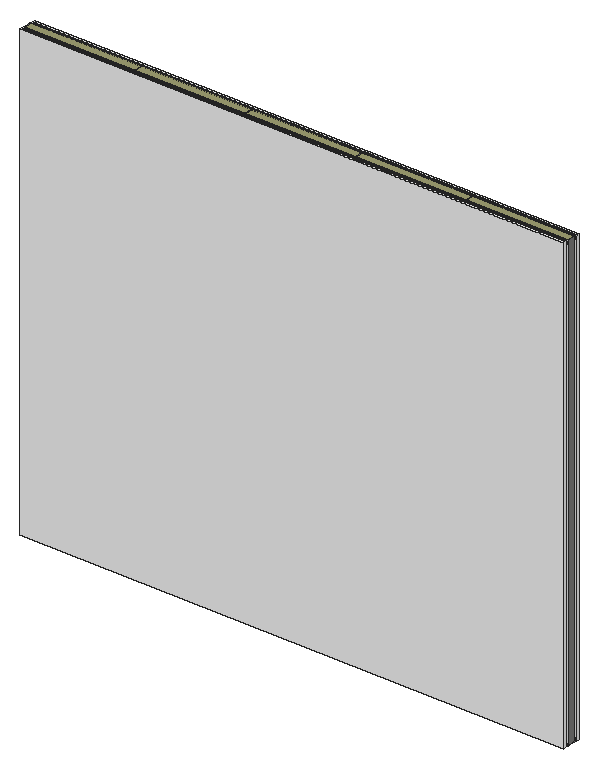
Revit family "Wall Acoustic Batt (R1.5)", category Structural Stiffeners, Revit 2020
Family settings
  OmniClass Number = 23.25.30.11.27
  OmniClass Title = Vibration and Earthquake Controls
  Cut with Voids When Loaded = No
  Shared = No
Parameters (values of type "R1.5 - Wall Acoustic Batts")
  URL = "www.ecowool.com.au"
  U-Value W/m2k = 0 mm
  Typical weight of ECOWOOL-Kg/M2 = 0 mm
  Type of Insulation = "Glass Mineral Wool Blanket with vapour barrier"
  Total System Thickness-mm = 50 mm
  Thermal R Value = 1.5
  Thermal K Value = 0.0327
  SubW [instance] = roundup([built-in parameter 1001306] / 609 mm) * 609 mm  # 3045 mm
  SubL [instance] = if([built-in parameter 1001306] > 1218 mm, No Insulation * 609 mm, if([built-in parameter 1001306] > 609 mm, 609 mm, if([built-in parameter 1001306] > 0 mm, 0 mm, No Insulation * 609 mm))) + 1 mm  # 2437 mm
  Remarks = ""
  No Metal Stud [instance] = ([built-in parameter 1001306] / [Metal Stud Spacer (mm)])  # 5
  No Insulation [instance] = roundup(SubW / 609 mm) - 1  # 4
  Model = "Wall Acoustic Batt"
  Metal Stud Width = [Insulation Thickness (mm)]  # 50 mm
  Metal Stud Spacer (mm) = 609 mm
  Material Specification = ""
  Manufacturer = "PGF Insulation Sdn. Bhd."
  built-in parameter 1001306 [instance] = 3000 mm
  Insulation Length (mm) = 609 mm
  Insulation Thickness (mm) = 50 mm
  Installation and Workmanship- Same for all the system = ""
  Height Wall (mm) = 2500 mm
  Handling and Storage- Same for all system = ""
  Gypsum Thickness (mm) = 12.5 mm
  Finish = Wall Acoustic Batt
  FAQ- Same for all System = ""
  ECOWOOL Product thickness in mm = "50 x32.0 kg/m³"
  Description = "Ecowool Wall Acoustic Batts is semi-rigid or rigid slabs of non-combustible, water repellent, glass mineral wool. They are designed to suit internal walls and ceiling of residential, commercial and industrial buildings. Excellent thermal, acoustic and fire safety performance"
  Density = 32.00 kg/m³
  AutoCad Drawing = ""
Types (3, lengths in mm): name | Total System Thickness-mm | Thermal K Value | Metal Stud Width | Insulation Thickness (mm) | ECOWOOL Product thickness in mm | Density
  (no name) | 50 | 0.0327 | 50 | 50 | "50 x32.0 kg/m³" | 32.00 kg/m³
  R1.5 - Wall Acoustic Batts | 50 | 0.0327 | 50 | 50 | "50 x32.0 kg/m³" | 32.00 kg/m³
  90mm | 90 | 0.0457 | 90 | 90 | "90 x 9.000000 kg/m³" | 9.00 kg/m³
Reference planes
  plane 1 "Center (Front/Back)": y = -12.5
  plane 2: z = 0
  plane 3 "Left": x = 0
  plane 4 "Right": x = 3000
  plane 5: z = 2500
  plane 6: x = 2437
  plane 7: x = 3046
Forms (mm)
  Extrusion 1, solid, material "Wall Acoustic Batt" <- "Finish"
    sketch origin (0, 0, 0) x (1, 0, 0) y (0, 1, 0)
      loop
        line (2437, 12.5) -> (2437, -37.5) -> (3046, -37.5) -> (3046, 12.5) -> (2437, 12.5)
    from 0 to 2500
  Extrusion 2, void
    sketch origin (0, 0, 0) x (1, 0, 0) y (0, 1, 0)
      loop
        line (2999, 12.5) -> (2999, -37.5) -> (3046, -37.5) -> (3046, 12.5) -> (2999, 12.5)
    from -45.694 to 2779.923
Cuts and joins
  Extrusion 2 cuts Extrusion 1
Lines and regions (mm)
  reference lines
    curve 1: line (0, -12.5, 0) -> (3000, -12.5, 0)
Dimensions and locks
  "built-in parameter 1001306": plane 3 "Left" to plane 4 "Right"
  "Height Wall (mm)": plane 5 to level
  equal spacing: group 1, group 2, group 3, group 4, group 5  (x3)
  "Metal Stud Spacer (mm)": plane 3 "Left" to nested 3
  "SubL": plane 3 "Left" to plane 6
  locked: plane 6 to plane 7 at 609
  equal spacing: Extrusion 1 sketch curve, plane 1 "Center (Front/Back)", Extrusion 1 sketch curve
  "Insulation Thickness (mm)": Extrusion 1 sketch curve to Extrusion 1 sketch curve
  equal spacing: Extrusion 1, plane 1 "Center (Front/Back)", Extrusion 2 sketch curve
  "Insulation Thickness (mm)": Extrusion 2 sketch curve to Extrusion 2 sketch curve
  locked: Extrusion 2 sketch curve to plane 4 "Right" at 1
  plane 4 "Right" to plane 7 = 46 mm
  plane 6 to plane 4 "Right" = 563 mm
  equal spacing: group 6, group 7, group 8, group 9  (x3)
  equal spacing: Extrusion 2 sketch curve, Extrusion 2 sketch curve, nested 1
  aligned and locked: plane 4 "Right" to curve 1
  aligned and locked: plane 1 "Center (Front/Back)" to curve 1
  aligned and locked: plane 3 "Left" to curve 1
  aligned and locked: plane 3 "Left" to nested 1
  aligned and locked: plane 4 "Right" to nested 1
  aligned and locked: plane 5 to nested 2
  aligned and locked: plane 3 "Left" to nested 6
  aligned and locked: nested 8 to plane 4 "Right"
  aligned and locked: plane 1 "Center (Front/Back)" to nested 1
  aligned and locked: plane 1 "Center (Front/Back)" to nested 2
  aligned and locked: plane 1 "Center (Front/Back)" to nested 6
  aligned and locked: nested 8 to plane 1 "Center (Front/Back)"
  aligned and locked: nested 10 to nested 2
  aligned and locked: plane 1 "Center (Front/Back)" to nested 10
  aligned and locked: plane 7 to Extrusion 1 sketch curve
  aligned and locked: Extrusion 1 sketch curve to plane 6
  aligned and locked: plane 5 to Extrusion 1
  aligned and locked: Extrusion 1 to level
Automatic sketch dimensions
  Extrusion 2 sketch curve to plane 7 = 0 mm
Nested families
  nested 1: "Gypsum Plasterboard" at (0, -12.5, 0), type "Gypsum Plasterboard"
    with built-in parameter 1001306 3000 mm
  nested 2: "Metal Stud" at (0, -12.5, 0), type "Metal Stud"
  nested 3: "Metal Stud" at (609, -12.5, 0), type "Metal Stud"
  nested 4: "Metal Stud" at (1218, -12.5, 0), type "Metal Stud"
  nested 5: "Metal Stud" at (1827, -12.5, 0), type "Metal Stud"
  nested 6: "Metal Runner" at (0, -12.5, 0), type "Metal Runner"
    with Metal Runner Width 50 mm, Length Metal Runner 3000 mm
  nested 7: "Metal Runner" at (0, -12.5, 2500) x (1, 0, 0) z (0, 0, -1), type "Metal Runner"
    with Metal Runner Width 50 mm, Length Metal Runner 3000 mm
  nested 8: "Metal Stud" at (3000, -12.5, 0) x (-1, 0, 0) z (0, 0, 1), type "Metal Stud"
  nested 9: "Metal Stud" at (2436, -12.5, 0), type "Metal Stud"
  nested 10: "Insulation Brownie" at (1, -12.5, 0), type "Insulation Brownie"
    with Thickness Insulation 50 mm
  nested 11: "Insulation Brownie" at (610, -12.5, 0), type "Insulation Brownie"
    with Thickness Insulation 50 mm
  nested 12: "Insulation Brownie" at (1219, -12.5, 0), type "Insulation Brownie"
    with Thickness Insulation 50 mm
  nested 13: "Insulation Brownie" at (1828, -12.5, 0), type "Insulation Brownie"
    with Thickness Insulation 50 mm
Definition of nested family "Gypsum Plasterboard"
  Parameters (values of type "Gypsum Plasterboard")
    Manufacturer = "Rockwool"
    built-in parameter 1001306 [instance] = 1200 mm
    Insulation Width = 50 mm
    Height Wall = 2500 mm
    Gypsum Thickness = 12.5 mm
    Description = "Double layers wall system - Rigislab 5020"
  Reference planes
    plane 1 "Center (Front/Back)": y = 0
    plane 2: z = 0
    plane 3 "Left": x = 0
    plane 4 "Right": x = 1200
    plane 5: y = 25
    plane 6: y = -25
    plane 7: z = 2500
  Forms (mm)
    Sweep 1, solid
      path origin (0, 0, 0) x (1, 0, 0) y (0, 1, 0)
        loop
          line (0, 0) -> (1200, 0)
      profile origin (600, 0, 0) x (0, 1, 0) y (0, 0, 1)
        loop
          line (-25, 2500) -> (-37.5, 2500) -> (-37.5, 0) -> (-25, 0) -> (-25, 2500)
    Sweep 2, solid
      path origin (0, -12.5, 0) x (1, 0, 0) y (0, 1, 0)
        loop
          line (0, 0) -> (1200, 0)
      profile origin (600, -12.5, 0) x (0, 1, 0) y (0, 0, 1)
        loop
          line (-25, 2500) -> (-37.5, 2500) -> (-37.5, 0) -> (-25, 0) -> (-25, 2500)
    Sweep 3, solid
      path origin (0, 0, 0) x (1, 0, 0) y (0, -1, 0)
        loop
          line (0, 0) -> (1200, 0)
      profile origin (600, 0, 0) x (0, 1, 0) y (0, 0, 1)
        loop
          line (25, 2500) -> (25, 0) -> (37.5, 0) -> (37.5, 2500) -> (25, 2500)
    Sweep 4, solid
      path origin (0, 12.5, 0) x (1, 0, 0) y (0, -1, 0)
        loop
          line (0, 0) -> (1200, 0)
      profile origin (600, 12.5, 0) x (0, 1, 0) y (0, 0, 1)
        loop
          line (25, 2500) -> (25, 0) -> (37.5, 0) -> (37.5, 2500) -> (25, 2500)
  Lines and regions (mm)
    reference lines
      curve 1: line (0, 0, 0) -> (1200, 0, 0)
  Dimensions and locks
    "built-in parameter 1001306": plane 3 "Left" to plane 4 "Right"
    "Insulation Width": plane 6 to plane 5
    "built-in parameter 1001306": Sweep 1 sketch curve to Sweep 1 sketch curve
    "Gypsum Thickness": Sweep 1 sketch curve to Sweep 1 sketch curve
    "Height Wall": level to plane 7
    "built-in parameter 1001306": Sweep 2 sketch curve to Sweep 2 sketch curve
    "Gypsum Thickness": Sweep 2 sketch curve to Sweep 2 sketch curve
    "built-in parameter 1001306": Sweep 3 sketch curve to Sweep 3 sketch curve
    "Gypsum Thickness": Sweep 3 sketch curve to Sweep 3 sketch curve
    "built-in parameter 1001306": Sweep 4 sketch curve to Sweep 4 sketch curve
    "Gypsum Thickness": Sweep 4 sketch curve to Sweep 4 sketch curve
    equal spacing: plane 6, plane 1 "Center (Front/Back)", plane 5
    aligned and locked: plane 4 "Right" to curve 1
    aligned and locked: plane 1 "Center (Front/Back)" to curve 1
    aligned and locked: plane 3 "Left" to curve 1
    aligned and locked: Sweep 1 sketch curve to plane 6
    aligned and locked: Sweep 1 sketch curve to plane 7
    aligned and locked: Sweep 1 to Sweep 2
    aligned and locked: Sweep 4 to Sweep 3
    aligned and locked: plane 5 to Sweep 3
    aligned and locked: Sweep 4 to Sweep 4
    aligned and locked: plane 7 to Sweep 2 sketch curve
    aligned and locked: Sweep 3 sketch curve to plane 7
    aligned and locked: Sweep 4 sketch curve to plane 7
  Automatic sketch dimensions
    plane 1 "Center (Front/Back)" to Sweep 1 sketch curve = 0 mm
    Sweep 1 sketch curve to plane 3 "Left" = 0 mm
    Sweep 1 sketch curve to level = 0 mm
    Sweep 2 sketch curve to plane 3 "Left" = 0 mm
    plane 1 "Center (Front/Back)" to Sweep 2 sketch curve = 12.5 mm
    Sweep 2 sketch curve to level = 0 mm
    profile plane to Sweep 2 sketch curve = 37.5 mm
    plane 1 "Center (Front/Back)" to Sweep 3 sketch curve = 0 mm
    Sweep 3 sketch curve to plane 3 "Left" = 0 mm
    Sweep 3 sketch curve to level = 0 mm
    Sweep 3 sketch curve to profile plane = 25 mm
    Sweep 4 sketch curve to plane 3 "Left" = 0 mm
    plane 1 "Center (Front/Back)" to Sweep 4 sketch curve = 12.5 mm
    Sweep 4 sketch curve to level = 0 mm
    Sweep 4 sketch curve to profile plane = 25 mm
Definition of nested family "Metal Stud"
  Parameters (values of type "Metal Stud")
    Metal Stud Width = 50 mm
    Height = 2500 mm
  Reference planes
    plane 1 "Center (Front/Back)": y = 0
    plane 2: z = 0
    plane 3 "Center (Left/Right)": x = 0
    plane 4 "Center L/S": y = 25
    plane 5 "Center L/T": y = -25
    plane 6: z = 1
    plane 7: z = 2500
    plane 8: z = 2499
  Forms (mm)
    Extrusion 1, solid
      sketch origin (0, 0, 0) x (1, 0, 0) y (0, 1, 0)
        loop
          line (0, 25) -> (0, -25) -> (20, -25) -> (20, -24) -> (1, -24) -> (1, 24) -> (20, 24) -> (20, 25) -> (0, 25)
      from 1 to 2499
  Dimensions and locks
    Extrusion 1 sketch curve to Extrusion 1 sketch curve = 1 mm  (x3)
    locked: plane 8 to plane 7 at 1
    plane 1 "Center (Front/Back)" to Extrusion 1 = 25 mm
    "Height": plane 7 to level
    "Metal Stud Width": plane 5 "Center L/T" to plane 4 "Center L/S"
    equal spacing: plane 5 "Center L/T", plane 1 "Center (Front/Back)", plane 4 "Center L/S"
    locked: plane 6 to plane 2 at 1
    aligned and locked: plane 4 "Center L/S" to Extrusion 1
    aligned and locked: plane 5 "Center L/T" to Extrusion 1
    aligned and locked: plane 3 "Center (Left/Right)" to Extrusion 1
    aligned and locked: Extrusion 1 to plane 6
    aligned and locked: plane 8 to Extrusion 1
  Automatic sketch dimensions
    Extrusion 1 sketch curve to plane 3 "Center (Left/Right)" = 0 mm
    plane 4 "Center L/S" to Extrusion 1 sketch curve = 0 mm
    plane 5 "Center L/T" to Extrusion 1 sketch curve = 0 mm
    Extrusion 1 sketch curve to Extrusion 1 sketch curve = 19 mm  (x2)
Definition of nested family "Metal Runner"
  Parameters (values of type "Metal Runner")
    Metal Runner Width = 48 mm
    Length Metal Runner = 2460 mm
    Default Elevation = 1219.2 mm
  Reference planes
    plane 1 "Center (Front/Back)": y = 0
    plane 2: z = 0
    plane 3 "Center (Left/Right)": x = 0
    plane 4 "Center L/S": y = 24
    plane 5 "Center L/T": y = -24
  Forms (mm)
    Extrusion 1, solid
      sketch origin (0, 0, 0) x (0, 1, 0) y (0, 0, 1)
        loop
          line (24, 0) -> (24, 20) -> (23, 20) -> (23, 1) -> (-23, 1) -> (-23, 20) -> (-24, 20) -> (-24, 0) -> (24, 0)
      from 0 to 2460
  Dimensions and locks
    "Metal Runner Width": plane 5 "Center L/T" to plane 4 "Center L/S"
    equal spacing: plane 5 "Center L/T", plane 1 "Center (Front/Back)", plane 4 "Center L/S"
    Extrusion 1 sketch curve to Extrusion 1 sketch curve = 1 mm  (x3)
    "Length Metal Runner": Extrusion 1 to Extrusion 1
    aligned and locked: plane 4 "Center L/S" to Extrusion 1 sketch curve
    aligned and locked: Extrusion 1 sketch curve to level
    aligned and locked: plane 5 "Center L/T" to Extrusion 1 sketch curve
  Automatic sketch dimensions
    Extrusion 1 sketch curve to Extrusion 1 sketch curve = 19 mm  (x2)
Definition of nested family "Insulation Brownie"
  Parameters (values of type "Insulation Brownie")
    Thickness Insulation = 75 mm
    Length of Insulation = 609 mm
    Height of Insulation = 2500 mm
    Finish = none
  Reference planes
    plane 1 "Center (Front/Back)": y = 0
    plane 2: z = 0
    plane 3 "Center (Left/Right)": x = 0
    plane 4: z = 2500
    plane 5: y = 37.5
    plane 6: y = -37.5
  Forms (mm)
    Sweep 1, solid, material <- "Finish"
      path origin (0, 0, 0) x (1, 0, 0) y (0, 1, 0)
        loop
          line (0, 0) -> (609, 0)
      profile origin (304.5, 0, 0) x (0, 1, 0) y (0, 0, 1)
        loop
          line (37.5, 2500) -> (-37.5, 2500) -> (-37.5, 0) -> (37.5, 0) -> (37.5, 2500)
  Dimensions and locks
    "Length of Insulation": Sweep 1 sketch curve to Sweep 1 sketch curve
    "Height of Insulation": plane 4 to level
    equal spacing: plane 5, plane 1 "Center (Front/Back)", plane 6
    "Thickness Insulation": plane 5 to plane 6
    aligned and locked: plane 3 "Center (Left/Right)" to Sweep 1 sketch curve
    aligned and locked: plane 5 to Sweep 1 sketch curve
    aligned and locked: Sweep 1 sketch curve to plane 6
  Automatic sketch dimensions
    plane 1 "Center (Front/Back)" to Sweep 1 sketch curve = 0 mm
    Sweep 1 sketch curve to level = 0 mm
    Sweep 1 sketch curve to plane 4 = 0 mm
